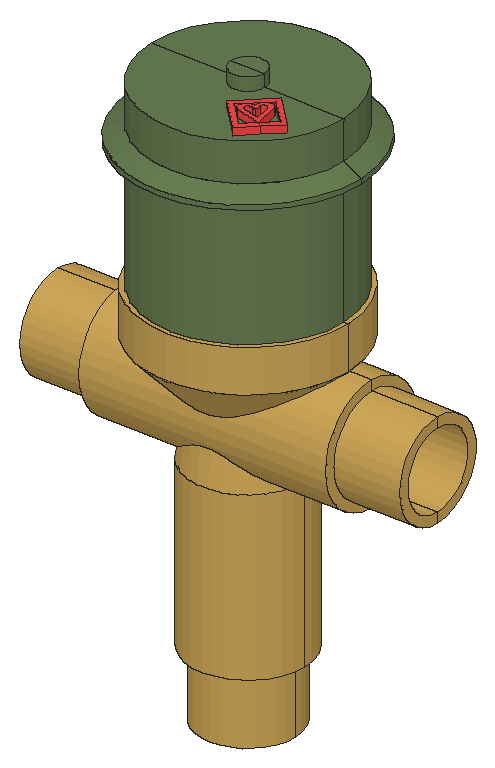
Revit family "HERZ Drinking Water Mixing Valve With Bottom Mixing Outlet 7766 54", category Rohrzubehör, Revit 2019
Family settings
  Bemaßung runder Anschluss = Durchmesser verwenden
  Teiletyp = Unterbricht
  OmniClass-Nummer = 23.65.55.14
  OmniClass-Titel = Valves for Liquid Services
  Arbeitsebenenbasiert = Nein
  Immer vertikal = Ja
  Beim Laden mit Abzugskörper schneiden = Nein
  Gemeinsam genutzt = Nein
Parameters
  Spring = "stainless steel 1.4310"  # constant formula
  Spindle = "DZR brass CW626N"  # constant formula
  Mixed water temperature hysteresis = "+-2°C"  # constant formula
  Part number = 2776654  # constant formula
  Operation = "The thermostatic mixing valve 7766 TMV is used in systems with heated drinking water.\r\nIrrespective of pressure or temperature changes of the cold and hot water to be mixed in the valve, the mixed water is constantly regulated to the preset temperature and flow rate value.\r\nThe thermostatic valve works completely independently and without auxiliary energy.\r\nThe value of the desired mixing temperature, which is preset once after installation, is kept constant within a control hysteresis."
  Note = "Pursuant to Article 33 of the REACH Regulation (EC No. 1907/2006), we are obliged to point out that the material lead is listed on the SVHC list and that all brass components manufactured in our products exceed 0.1% (w / w) lead (CAS: 7439-92-1 / EINECS: 231-100-4).\r\nSince lead is a component part of an alloy, actual exposure is not possible and therefore no additional information on safe use is necessary."
  Min. overheat of hot water compared to mixing water = 15 °C  # constant formula
  Min. flow = 0.07 L/s  # constant formula
  Min. cold water inlet temperature range = "5 °C - 25 °C"  # constant formula
  Max. hot water inlet temperature = 85 °C  # constant formula
  Max. dynamic pressure = "0.2 - 6 bar"  # constant formula
  URL = "www.herzvalves.com"
  Set value = "35 °C - 50 °C"  # constant formula
  Safety note = "Please note that the applied valve is a safety valve.\r\nIt is recommended to replace it in every 5 years.\r\nLocal standards and regulations have to be followed"
  SCTWSEQ = "AW;SBT_TYP_AW=\"104\";3"
  SCTWCODE = "04;18;03"  # constant formula
  S02 = H07 - H01 - H05  # 38.4 mm
  S01 = H00 - H01  # 61 mm
  R07 = 3.5 mm  # constant formula
  R06 = 24 mm  # constant formula
  R05 = 20.3 mm  # constant formula
  R04 = 24 mm  # constant formula
  R03 = R02 + 2 mm  # 12 mm
  R02 = Nennweite / 2  # 10 mm
  R01 = 8 mm  # constant formula
  Nennweite = 20 mm  # constant formula
  Mixing temperature (factory setting) = 45 °C  # constant formula
  Medium = "Water"  # constant formula
  LO1 = H07 - H05  # 59.4 mm
  L02 = 21.3 mm  # constant formula
  L01 = 12 mm  # constant formula
  L00 = 40 mm  # constant formula
  Internal parts = "DZR brass CW626N"  # constant formula
  Hersteller = "HERZ Armaturen Ges.m.b.H."  # constant formula
  Hand wheel = "ABS"  # constant formula
  H08 = 8 mm  # constant formula
  H07 = 62 mm  # constant formula
  H06 = 25.4 mm  # constant formula
  H05 = 2.6 mm  # constant formula
  H04 = 35 mm  # constant formula
  H03 = 14 mm  # constant formula
  H02 = 9 mm  # constant formula
  H01 = 21 mm  # constant formula
  H00 = 82 mm  # constant formula
  Flow at 3 bar = 0.7 L/s  # constant formula
  Sealing = "EPDM"  # constant formula
  Max. static pressure = 1000000.0 Pa  # constant formula
  Connection thread = "flat sealing, G 3/4"  # constant formula
  Body = "DZR brass CC752S"  # constant formula
Reference planes
  plane 1 "Mitte (Vorne/hinten)": y = 0
  plane 2: z = 0
  plane 3 "Mitte (Links/rechts)": x = 0
Forms (mm)
  Revolve 1, solid, material "Kunststoff GRÜN", detail levels fine
    sketch origin (-2.352, 0, -141.797) x (1, 0, 0) y (0, 0, 1)
      loop
        line (-1.148, 201.197) -> (-17.948, 201.197) -> (-17.948, 193.197) -> (-21.648, 191.197) -> (-21.648, 190.197) -> (-17.948, 188.197) -> (-17.948, 162.797) -> (2.352, 162.797) -> (2.352, 203.797) -> (-1.148, 203.797) -> (-1.148, 201.197)
      axis (2.352, 203.797) -> (2.352, 162.797)
    angle from 0 to 360
  Revolve 2, solid, material "Messing, weicher Gelbton, geschweißt", detail levels fine
    sketch origin (101.455, 0, 0) x (1, 0, 0) y (0, 0, 1)
      loop
        line (-101.455, -49) -> (-101.455, 21) -> (-122.755, 21) -> (-122.755, 12) -> (-111.455, 0) -> (-113.455, -12) -> (-113.455, -47) -> (-111.455, -47) -> (-111.455, -61) -> (-109.455, -61) -> (-109.455, -49) -> (-101.455, -49)
      axis (-101.455, 21) -> (-101.455, -61)
    angle from 0 to 360
  Revolve 3, solid, material "Messing, weicher Gelbton, geschweißt", detail levels fine
    sketch origin (-28, 0, 0) x (1, 0, 0) y (0, 0, 1)
      loop
        line (56, 8) -> (68, 8) -> (68, 10) -> (54, 10) -> (54, 12) -> (2, 12) -> (2, 10) -> (-12, 10) -> (-12, 8) -> (0, 8) -> (0, 0) -> (56, 0) -> (56, 8)
      axis (-12, 0) -> (68, 0)
    angle from 0 to 360
Lines and regions (mm)
  model lines, detail levels coarse+medium
    curve 1: line (-40, 0, 10) -> (-40, 0, -10)
    curve 2: line (-40, 0, -10) -> (40, 0, 10)
    curve 3: line (40, 0, 10) -> (40, 0, -10)
    curve 4: line (40, 0, -10) -> (-40, 0, 10)
    curve 5: line (0, 0, 0) -> (10, 0, -61)
    curve 6: line (10, 0, -61) -> (-10, 0, -61)
    curve 7: line (-10, 0, -61) -> (0, 0, 0)
    curve 8: line (0, 0, 0) -> (0, 0, 21)
    curve 9: line (-20.3, 0, 21) -> (20.3, 0, 21)
    curve 10: line (20.3, 0, 21) -> (20.3, 0, 59.4)
    curve 11: line (20.3, 0, 59.4) -> (-20.3, 0, 59.4)
    curve 12: line (-20.3, 0, 59.4) -> (-20.3, 0, 21)
    curve 13: line (20.3, 0, 59.4) -> (-20.3, 0, 21)
    curve 14: line (-20.3, 0, 59.4) -> (20.3, 0, 21)
    curve 15: line (-40, 10, 0) -> (-40, -10, 0)
    curve 16: line (-40, -10, 0) -> (40, 10, 0)
    curve 17: line (40, 10, 0) -> (40, -10, 0)
    curve 18: line (40, -10, 0) -> (-40, 10, 0)
    curve 19: line (0, 0, 0) -> (-10, -61, 0)
    curve 20: line (-10, -61, 0) -> (10, -61, 0)
    curve 21: line (10, -61, 0) -> (0, 0, 0)
    curve 22: line (0, 0, 0) -> (0, 21, 0)
    curve 23: line (-20.3, 21, 0) -> (20.3, 21, 0)
    curve 24: line (20.3, 21, 0) -> (20.3, 59.4, 0)
    curve 25: line (20.3, 59.4, 0) -> (-20.3, 59.4, 0)
    curve 26: line (-20.3, 59.4, 0) -> (-20.3, 21, 0)
    curve 27: line (20.3, 59.4, 0) -> (-20.3, 21, 0)
    curve 28: line (-20.3, 59.4, 0) -> (20.3, 21, 0)
Dimensions and locks
  "L00": Revolve 3 sketch curve to plane 3 "Mitte (Links/rechts)" to Revolve 3 sketch curve
  "L01": Revolve 3 sketch curve to Revolve 3 sketch curve  (x2)
  "R01": Revolve 3 sketch curve to Revolve 3 sketch curve  (x2)
  "R02": Revolve 3 sketch curve to Revolve 3 sketch curve
  "L02": Revolve 2 sketch curve to Revolve 2 sketch curve
  "H02": Revolve 2 sketch curve to Revolve 2 sketch curve
  "R02": Revolve 2 sketch curve to Revolve 2 sketch curve  (x2)
  "H01": Revolve 2 sketch curve to plane 2
  "H00": Revolve 2 sketch curve to Revolve 2 sketch curve
  "H03": Revolve 2 sketch curve to Revolve 2 sketch curve
  "R03": Revolve 2 sketch curve to Revolve 2 sketch curve
  "H04": Revolve 2 sketch curve to Revolve 2 sketch curve
  "R01": Revolve 2 sketch curve to Revolve 2 sketch curve
  "L01": Revolve 2 sketch curve to Revolve 2 sketch curve
  "H03": Revolve 3 sketch curve to Revolve 3 sketch curve  (x2)
  "R03": Revolve 3 sketch curve to Revolve 3 sketch curve
  "R05": Revolve 1 sketch curve to Revolve 1 sketch curve  (x2)
  "H07": Revolve 1 sketch curve to plane 2
  "H05": Revolve 1 sketch curve to Revolve 1 sketch curve
  "H06": Revolve 1 sketch curve to Revolve 1 sketch curve
  "H08": Revolve 1 sketch curve to Revolve 1 sketch curve
  "R06": Revolve 1 sketch curve to Revolve 1 sketch curve
  "R07": Revolve 1 sketch curve to Revolve 1 sketch curve
  "R02": curve 4 to plane 2 to curve 2
  "R02": curve 3 to plane 2 to curve 4
  "L00": curve 1 to plane 3 "Mitte (Links/rechts)" to curve 3
  "R02": curve 6 to plane 3 "Mitte (Links/rechts)" to curve 7
  "S01": plane 2 to curve 6
  "H01": curve 8 to plane 2
  "S02": curve 11 to Revolve 1
  "R05": curve 12 to plane 3 "Mitte (Links/rechts)" to curve 10
  "L00": curve 15 to plane 3 "Mitte (Links/rechts)" to curve 17
  "R02": curve 16 to plane 1 "Mitte (Vorne/hinten)" to curve 18
  "R02": curve 18 to plane 1 "Mitte (Vorne/hinten)" to curve 17
  "R02": curve 20 to plane 3 "Mitte (Links/rechts)" to curve 21
  "S01": curve 20 to plane 1 "Mitte (Vorne/hinten)"
  "H01": plane 1 "Mitte (Vorne/hinten)" to curve 22
  "S02": curve 23 to curve 25
  "R05": curve 26 to plane 3 "Mitte (Links/rechts)" to curve 24
  "LO1": nested 1 to plane 2
  aligned and locked: level to plane 2
Automatic sketch dimensions
  curve 5 to level = 0 mm
  curve 8 to level = 0 mm
  plane 1 "Mitte (Vorne/hinten)" to curve 19 = 0 mm
  plane 1 "Mitte (Vorne/hinten)" to curve 22 = 0 mm
  Revolve 1 sketch curve to plane 3 "Mitte (Links/rechts)" = 0 mm  (x2)
  Revolve 1 sketch curve to Revolve 1 sketch curve = 2 mm  (x2)
  Revolve 1 sketch curve to Revolve 1 sketch curve = 1 mm
  Revolve 1 sketch curve to level = 366.045 mm
  Revolve 1 sketch curve to Revolve 1 sketch curve = 2152.315 mm
  Revolve 2 sketch curve to level = 0 mm
  Revolve 2 sketch curve to plane 3 "Mitte (Links/rechts)" = 0 mm  (x2)
  Revolve 2 sketch curve to Revolve 2 sketch curve = 0 mm
  Revolve 2 sketch curve to Revolve 2 sketch curve = 2193.315 mm
  Revolve 3 sketch curve to level = 0 mm  (x2)
  Revolve 3 sketch curve to Revolve 3 sketch curve = 2 mm
  Revolve 3 sketch curve to Revolve 3 sketch curve = 0 mm  (x2)
Nested families
  nested 1: "Herz-Logo" at (9.58, -9.58, 59.4) x (0.7071, 0.7071, 0) z (0, 0, 1), type "Herz-Logo", detail levels fine
Connectors
  piping at (-40, 0, 0), diameter 20, driven by "Nennweite"
    settings: on Revolve 3, index 1, connector inside diameter 609.6 mm, connector length 0 mm, flow factor 0, pipe flow 0.0 L/s, pressure drop 0.0 Pa, fitting loss kfactor 0, connector angle 0.00°, fixture units 0, engagement length 0 mm, angle of deflection 0.00°, flow configuration 0, flow direction 1, fitting loss method 0, system type 20, joint type 0, gender type 0, connector reference index -1, connector utility 0, adjustable connector no, is connector primary yes, connector description ""
  piping at (40, 0, 0), diameter 20, driven by "Nennweite"
    settings: on Revolve 3, index 2, connector inside diameter 609.6 mm, connector length 0 mm, flow factor 0, pipe flow 0.0 L/s, pressure drop 0.0 Pa, fitting loss kfactor 0, connector angle 0.00°, fixture units 0, engagement length 0 mm, angle of deflection 0.00°, flow configuration 0, flow direction 1, fitting loss method 0, system type 19, joint type 0, gender type 0, connector reference index -1, connector utility 0, adjustable connector no, is connector primary no, connector description ""
  piping at (0, 0, -61), diameter 20, driven by "Nennweite"
    settings: on Revolve 2, index 3, connector inside diameter 609.6 mm, connector length 0 mm, flow factor 0, pipe flow 0.0 L/s, pressure drop 0.0 Pa, fitting loss kfactor 0, connector angle 0.00°, fixture units 0, engagement length 0 mm, angle of deflection 0.00°, flow configuration 0, flow direction 2, fitting loss method 0, system type 29, joint type 0, gender type 0, connector reference index -1, connector utility 0, adjustable connector no, is connector primary no, connector description ""
Definition of nested family "Herz-Logo"
  Reference planes
    plane 1 "Mitte (Vorne/hinten)": y = 0
    plane 2: z = 0
    plane 3 "Mitte (Links/rechts)": x = 0
  Forms (mm)
    Extrusion 1, solid
      sketch origin (0, 0, 0) x (1, 0, 0) y (0, 1, 0)
        loop
          line (-0.018, -4.517) -> (4.482, -4.517) -> (4.482, 4.483) -> (-4.518, 4.483) -> (-4.518, -4.517) -> (-0.018, -4.517)
        loop
          line (-0.05, -3.48) -> (3.482, -3.48) -> (3.482, 3.483) -> (-3.518, 3.483) -> (-3.518, -3.48) -> (-0.05, -3.48)
        loop
          arc (-0.018, 2.383) -> (-1.543, 3.287) -> (-3.067, 2.383) r 1.738
          arc (-3.067, 2.383) -> (-3.191, 1.899) -> (-3.067, 1.415) r 1.009
          line (-3.067, 1.415) -> (-0.018, -3.281) -> (3.032, 1.415)
          arc (3.032, 1.415) -> (3.156, 1.899) -> (3.032, 2.383) r 1.009
          arc (3.032, 2.383) -> (1.507, 3.287) -> (-0.018, 2.383) r 1.738
        loop
          arc (1.885, 1.272) -> (2.005, 1.675) -> (1.885, 2.079) r 0.74
          arc (1.885, 2.079) -> (1.265, 2.416) -> (0.644, 2.079) r 0.74
          line (0.644, 2.079) -> (-0.018, 0.97) -> (-0.679, 2.079)
          arc (-0.679, 2.079) -> (-1.3, 2.416) -> (-1.921, 2.079) r 0.74
          arc (-1.921, 2.079) -> (-2.04, 1.675) -> (-1.921, 1.272) r 0.74
          line (-1.921, 1.272) -> (-0.018, -1.658) -> (1.885, 1.272)
      from 0 to 1.5
  Dimensions and locks
    aligned and locked: level to plane 2
